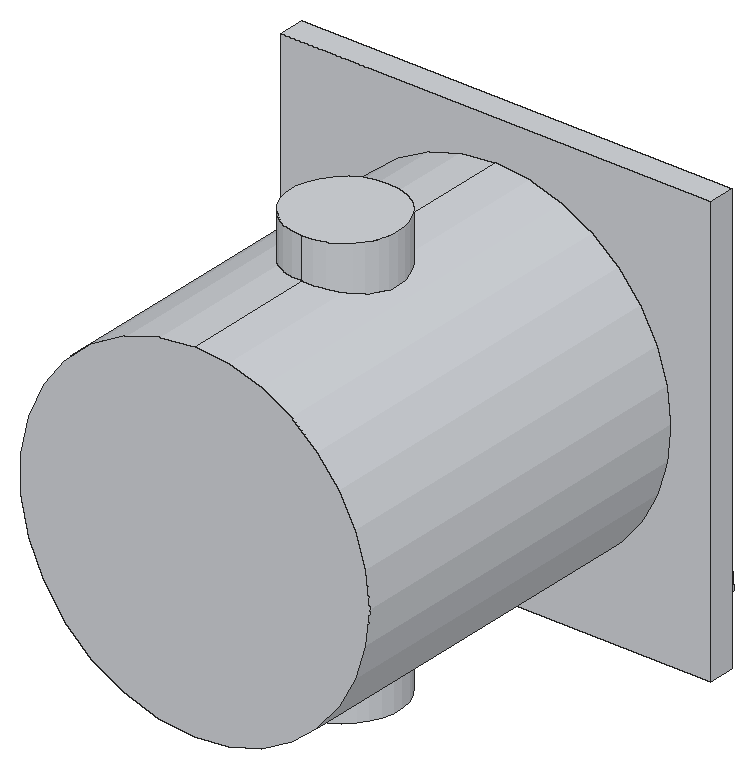
Revit family "LS_Jalousietaster_V1700", category Lichtschalter, Revit 2017
Family settings
  Beschriftungsausrichtung beibehalten = Nein
  Bemaßung runder Anschluss = Durchmesser verwenden
  Teiletyp = Schalter
  OmniClass-Nummer = 23.80.70.00
  OmniClass-Titel = Lighting
  Arbeitsebenenbasiert = Nein
  Immer vertikal = Ja
  Beim Laden mit Abzugskörper schneiden = Nein
  Gemeinsam genutzt = Nein
  Raumberechnungspunkt = Nein
Parameters (values of type "Verdunklung")
  pbr_Material_KZ = ""
  pbr_Material = none
  pbr_E_Typ = ""
  pbr_E_KZ = ""
  pbr_DINBild = 0
  pbr_Bild = 0
  pbr_3Dx_Delta_Korrekturversatz [instance] = 0 mm
  pbr_3DX_Versatzfaktor [instance] = 0
  pbr_2DY_Versatzfaktor [instance] = 0
  pbr_2DX_Versatzfaktor [instance] = 0
  lfd_STRK [instance] = 0
  cpiFitMatchKey [instance] = "E-DS"
  Zentrale [instance] = ""
  Typ [instance] = ""
  Text3 [instance] = ""
  Text2 [instance] = ""
  Text1 [instance] = ""
  Schlüsselschalter = no
  Schaltgruppe2 [instance] = 0
  Schaltgruppe1 [instance] = 0
  Planungsbüro Rohling = "www.pbr.de"
  Netzart = ""
  Menge(Dosenzahl) [instance] = 0
  Linie/Anschluss [instance] = ""
  Lastklassifizierung = none
  Jalousieschalter Verdunklung = yes
  Jalousieschalter = no
  Installationsart [instance] = ""
  Info [instance] = ""
  IFC = ""
  Gewerk [instance] = "Schalt"
  Eckversatz [instance] = 0 mm
  YFrontversatz [instance] = if(pbr_2DY_Versatzfaktor = 300, 0 mm, pbr_2DY_Versatzfaktor * 300 mm)  # 0 mm
  XSeitenversatz [instance] = if(pbr_2DX_Versatzfaktor = 0, 3000 mm, 3000 mm + (pbr_2DX_Versatzfaktor * 300 mm)) + Eckversatz  # 3000 mm
  R_Leerrohranschluss = 10 mm
  Niveau [instance] = 1100 mm
  Dosentiefe = 70 mm  # constant formula
  Dosenradius = 65 mm / 2  # 32.5 mm
  D_Leerrohranschluss = 2 * R_Leerrohranschluss  # 20 mm
  Breite = 80 mm
  3DX_Versatzkontrolle [instance] = if(pbr_3DX_Versatzfaktor = 0, (pbr_2DX_Versatzfaktor * -1), (((-1 * pbr_3DX_Versatzfaktor) + pbr_2DX_Versatzfaktor) * -1))  # 0
  3DX_Versatz [instance] = if([3DX_Versatzkontrolle] = 0, 2000 mm, 2000 mm + ([3DX_Versatzkontrolle] * (300 mm - Breite))) + pbr_3Dx_Delta_Korrekturversatz  # 2000 mm
  Platzierrahmen [instance] = no
Types (3, lengths in mm): name | Schlüsselschalter | Jalousieschalter Verdunklung | Jalousieschalter
  Jalousieschalter | no | no | yes
  Verdunklung | no | yes | no
  Schluesselschalter | yes | no | no
Reference planes
  plane 1 "Mitte (Vorne/Hinten)": y = 0
  plane 2: z = 0
  plane 3 "Mitte (Links/Rechts)": x = -440
  plane 4: x = -440
  plane 5: x = -480
  plane 6: x = -400
  plane 7: z = 1140
  plane 8: z = 1060
  plane 9 "SchalterVorne": y = 5
  plane 10 "3DSchalterMitte": x = -440
  plane 11: z = 1100
  plane 12: y = -35
  plane 13: x = -3440
  plane 14: y = 0
Forms (mm)
  Extrusion 1, solid
    sketch origin (0, 20, 0) x (0, 0, 1) y (-1, 0, 0)
      loop
        line (1060, 480) -> (1060, 400) -> (1140, 400) -> (1140, 480) -> (1060, 480)
    from 15 to 20
  Sweep 2, solid
    path origin (-440, 0, 0) x (0, 0, 1) y (0, -1, 0)
      loop
        line (1100, 0) -> (1100, 70)
    profile origin (-440, -35, 1100) x (0, 0, -1) y (1, 0, 0)
      loop
        circle (0, 0) r 32.5
  Sweep 3, solid
    path origin (0, 0, 0) x (1, 0, 0) y (0, 1, 0)
      loop
        line (-472.5, 0) -> (-407.5, 0)
    profile origin (-440, 0, 0) x (0, 1, 0) y (0, 0, 1)
      loop
        line (5, 1135) -> (5, 1066.102) -> (14.712, 1066.102) -> (7.47, 1135) -> (5, 1135)
  Sweep 4, solid
    path origin (-440, 0, 0) x (0, 0, 1) y (0, -1, 0)
      loop
        line (1060, 35) -> (1140, 35)
    profile origin (-440, -35, 1100) x (0, -1, 0) y (1, 0, 0)
      loop
        circle (0, 0) r 10
Cuts and joins
  joined: Sweep 2, Sweep 4
  joined: Extrusion 1, Sweep 3
Dimensions and locks
  plane 6 to plane 5 = 80 mm
  plane 7 to plane 8 = 80 mm
  equal spacing: plane 6, plane 10 "3DSchalterMitte", plane 5
  equal spacing: plane 7, plane 11, plane 8
  "Niveau": plane 11 to level
  plane 9 "SchalterVorne" to plane 1 "Mitte (Vorne/Hinten)" = 5 mm
  Sweep 3 sketch curve to plane 7 = 5 mm
  "Breite": plane 6 to plane 5
  locked: plane 13 to plane 10 "3DSchalterMitte" at 3000
  "XSeitenversatz": plane 13 to plane 4
  "YFrontversatz": plane 14 to plane 1 "Mitte (Vorne/Hinten)"
  "Dosenradius": radius of Sweep 2 sketch curve
  "R_Leerrohranschluss": radius of Sweep 4 sketch curve
  aligned and locked: level to plane 2
  aligned and locked: Extrusion 1 sketch curve to plane 8
  aligned and locked: Extrusion 1 sketch curve to plane 5
  aligned and locked: Extrusion 1 sketch curve to plane 7
  aligned and locked: plane 6 to Extrusion 1 sketch curve
  aligned and locked: plane 1 "Mitte (Vorne/Hinten)" to Extrusion 1
  aligned and locked: Extrusion 1 to plane 9 "SchalterVorne"
  aligned and locked: plane 10 "3DSchalterMitte" to plane 3 "Mitte (Links/Rechts)"
  aligned and locked: plane 4 to nested 3
  aligned and locked: nested 3 to plane 14
  aligned and locked: plane 4 to nested 2
  aligned and locked: nested 3 to nested 2
  aligned and locked: plane 4 to nested 1
  aligned and locked: nested 1 to nested 2
Automatic sketch dimensions
  Sweep 2 sketch curve to plane 11 = 0 mm
  Sweep 2 sketch curve to plane 1 "Mitte (Vorne/Hinten)" = 0 mm
  plane 1 "Mitte (Vorne/Hinten)" to Sweep 3 sketch curve = 0 mm
  plane 5 to Sweep 3 sketch curve = 7.5 mm
  Sweep 3 sketch curve to plane 6 = 7.5 mm
  Sweep 3 sketch curve to profile plane = 7.47 mm
  Sweep 3 sketch curve to profile plane = 14.712 mm
  Sweep 3 sketch curve to profile plane = 5 mm
  Sweep 3 sketch curve to Sweep 3 sketch curve = 68.898 mm
  Sweep 4 sketch curve to plane 8 = 0 mm
  plane 7 to Sweep 4 sketch curve = 0 mm
  Sweep 4 sketch curve to plane 12 = 0 mm
  Sweep 2 sketch curve to plane 10 "3DSchalterMitte" = 0 mm
  Sweep 2 sketch curve to profile plane = 0 mm
  Sweep 4 sketch curve to plane 10 "3DSchalterMitte" = 0 mm
  Sweep 4 sketch curve to profile plane = 0 mm
  Sweep 2 sketch curve to plane 12 = 35 mm
Nested families
  nested 1: "Jalousietaster" at (-440, 0, 0), visible <- "Jalousieschalter", type "Jalousietaster"
  nested 2: "Jalousietaster Verdunkelung" at (-440, 0, 0), visible <- "Jalousieschalter Verdunklung", type "Jalousietaster Verdunkelung"
  nested 3: "Schlüsselschalter" at (-440, 0, 0), visible <- "Schlüsselschalter", type "Schlüsselschalter"
Connectors
  electrical at (-440, -35, 1140)
    settings: on cut or joined group of Sweep 2, Sweep 4, index 3, voltage 230 V, apparent load 0 VA, apparent load phase1 0 VA, apparent load phase2 0 VA, apparent load phase3 0 VA, power factor 1, load classification "Standard", number of poles 1, system type 31, power factor state 1, is connector primary yes, connector utility no, sub classification motor no, connector description ""
  cabletrayconduit at (-440, -35, 1140), diameter 20, driven by "D_Leerrohranschluss"
    settings: on cut or joined group of Sweep 2, Sweep 4, index 4, connector width 300 mm, connector height 300 mm, connector angle 0.00°, system type 32, placement type 0, profile type 0, connector reference index -1, is primary connector yes, connector utility param no, connector description ""
  cabletrayconduit at (-440, -35, 1060), diameter 20, driven by "D_Leerrohranschluss"
    settings: on cut or joined group of Sweep 2, Sweep 4, index 5, connector width 300 mm, connector height 300 mm, connector angle 0.00°, system type 32, placement type 0, profile type 0, connector reference index -1, is primary connector no, connector utility param no, connector description ""
Definition of nested family "Jalousietaster"
  Reference planes
    plane 1 "Mitte (Vorne/Hinten)": y = 0
    plane 2: z = 0
    plane 3 "Mitte (Links/Rechts)": x = 0
  Lines and regions (mm)
    Filled region 1, type "Beton", in view "Referenzebene"
      outline origin (-139.031, 20.577, 0) x (1, 0, 0) y (0, 1, 0)
        loop
          line (164.258, 81.423) -> (101.625, 177.87) -> (45.899, 81.423) -> (164.258, 81.423)
        loop
          line (115.666, 177.896) -> (178.3, 81.449) -> (234.025, 177.896) -> (115.666, 177.896)
    detail lines, in view "Referenzebene"
      curve 1: line (-104.243, 258, 0) -> (111.757, 258, 0)
      curve 2: line (111.757, 258, 0) -> (111.757, 42, 0)
      curve 3: line (111.757, 42, 0) -> (-104.243, 42, 0)
      curve 4: line (-104.243, 42, 0) -> (-104.243, 258, 0)
      curve 5: line (-146.243, 0, 0) -> (153.757, 0, 0)
      curve 6: line (153.757, 0, 0) -> (153.757, 300, 0)
      curve 7: line (153.757, 300, 0) -> (-146.243, 300, 0)
      curve 8: line (-146.243, 300, 0) -> (-146.243, 0, 0)
Definition of nested family "Jalousietaster Verdunkelung"
  Reference planes
    plane 1 "Mitte (Vorne/Hinten)": y = 0
    plane 2: z = 0
    plane 3 "Mitte (Links/Rechts)": x = 0
  Lines and regions (mm)
    detail lines, in view "Referenzebene"
      curve 1: line (-103.147, 258, 0) -> (112.853, 258, 0)
      curve 2: line (112.853, 258, 0) -> (112.853, 42, 0)
      curve 3: line (112.853, 42, 0) -> (-103.147, 42, 0)
      curve 4: line (-103.147, 42, 0) -> (-103.147, 258, 0)
      curve 5: line (-145.147, 0, 0) -> (154.853, 0, 0)
      curve 6: line (154.853, 0, 0) -> (154.853, 300, 0)
      curve 7: line (154.853, 300, 0) -> (-145.147, 300, 0)
      curve 8: line (-145.147, 300, 0) -> (-145.147, 0, 0)
      curve 9: line (40.364, 102.025, 0) -> (96.089, 198.472, 0)
      curve 10: line (96.089, 198.472, 0) -> (-22.269, 198.472, 0)
      curve 11: line (-22.269, 198.472, 0) -> (40.364, 102.025, 0)
      curve 12: line (26.323, 102, 0) -> (-36.311, 198.447, 0)
      curve 13: line (-36.311, 198.447, 0) -> (-92.036, 102, 0)
      curve 14: line (-92.036, 102, 0) -> (26.323, 102, 0)
Definition of nested family "Schlüsselschalter"
  Reference planes
    plane 1 "Mitte (Vorne/Hinten)": y = 0
    plane 2: z = 0
    plane 3 "Mitte (Links/Rechts)": x = 0
  Lines and regions (mm)
    detail lines, in view "Referenzebene"
      curve 1: circle (1.093, 65.802, 0) r 66.5 normal (0, 0, 1)
      curve 2: arc (-181.512, 101.553, 0) -> (-203.862, 185.61, 0) -> (-226.212, 101.553, 0) r 45
      curve 3: line (15.974, 130.615, 0) -> (96.979, 299.302, 0)
      curve 4: line (96.979, 299.302, 0) -> (151.093, 267.735, 0)
      curve 5: line (-226.212, 101.553, 0) -> (-271.362, 5.61, 0)
      curve 6: line (-271.362, 5.61, 0) -> (-136.362, 5.61, 0)
      curve 7: line (-136.362, 5.61, 0) -> (-181.512, 101.553, 0)
      curve 8: line (-73.907, 74.187, 0) -> (-166.217, 74.187, 0)
